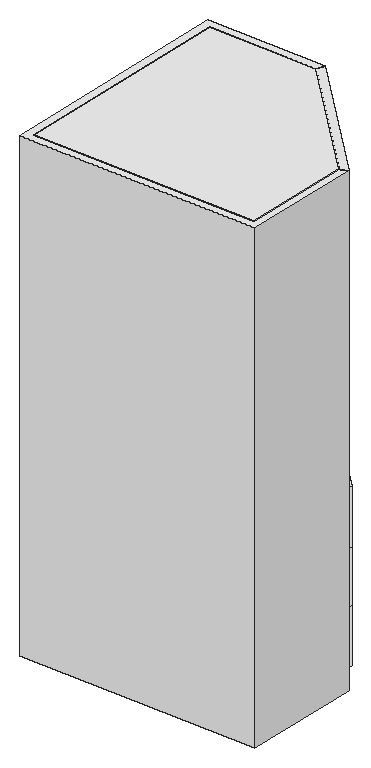
Revit family
Parameters (values of type "300mm")
  Cabinet Material = none
  Depth = 300 mm
  Door/Drawer Material = none
  Height = 1200 mm
  Top Of Cabinet = 2000 mm
  Width = 0 mm
Reference planes
  plane 1: y = 0
  plane 2: x = 258.371
  plane 3: x = -41.629
  plane 4: z = 800
  plane 5: z = 2000
  plane 6: y = 376.2
  plane 7: y = 76.2
  plane 8: z = 1238
  plane 9: y = 681
  plane 10: x = 563.171
  plane 11: z = 1269.75
  plane 12: z = 1100.731
  plane 13: z = 963.463
  plane 14: z = 826.194
  plane 15 "t": z = 1942.85
Forms (mm)
  Extrusion 1, solid, material <- "Cabinet Material"
    sketch origin (0, 0, 800) x (0, 1, 0) y (1, 0, 0)
      loop
        line (76.2, -41.629) -> (681, -41.629) -> (681, 258.371) -> (661.95, 250.48) -> (661.95, -22.579) -> (95.25, -22.579) -> (95.25, 544.121) -> (368.309, 544.121) -> (376.2, 563.171) -> (76.2, 563.171) -> (76.2, -41.629)
    from 0 to -1200
  Extrusion 2, solid, material <- "Cabinet Material"
    sketch origin (0, 0, 800) x (0, 1, 0) y (1, 0, 0)
      loop
        line (95.25, -22.579) -> (661.95, -22.579) -> (661.95, 250.48) -> (368.309, 544.121) -> (95.25, 544.121) -> (95.25, -22.579)
    from 0 to -26.194
  Extrusion 3, solid, material <- "Cabinet Material"
    sketch origin (0, 0, 2000) x (0, 1, 0) y (1, 0, 0)
      loop
        line (661.95, 250.48) -> (368.309, 544.121) -> (95.25, 544.121) -> (95.25, -22.579) -> (661.95, -22.579) -> (661.95, 250.48)
    from 0 to 25.4
  Extrusion 4, solid, material <- "Cabinet Material"
    sketch origin (0, 0, 800) x (0, 1, 0) y (1, 0, 0)
      loop
        line (661.95, 250.48) -> (681, 258.371) -> (376.2, 563.171) -> (368.309, 544.121) -> (661.95, 250.48)
    from 0 to -1200
  Extrusion 5, void
    sketch origin (0, 0, 800) x (1, 0, 0) y (0, 1, 0)
      loop
        line (285.312, 627.118) -> (509.29, 403.141) -> (522.76, 416.611) -> (298.782, 640.589) -> (285.312, 627.118)
    from 469.75 to 1142.85
  Extrusion 6, solid, material <- "Door/Drawer Material"
    sketch origin (-4.358, -4.358, 1555.75) x (-1, 0, 0) y (0, 1, 0)
      loop
        line (-312.12, 653.927) -> (-536.098, 429.949) -> (-513.647, 407.498) -> (-289.669, 631.476) -> (-312.12, 653.927)
    from 317.75 to 455.019
  Extrusion 7, void
    sketch origin (0, 0, 800) x (1, 0, 0) y (0, 1, 0)
      loop
        line (285.312, 627.118) -> (509.29, 403.141) -> (522.76, 416.611) -> (298.782, 640.589) -> (285.312, 627.118)
    from 26.194 to 438
  Extrusion 8, solid, material <- "Door/Drawer Material"
    sketch origin (0, 0, 800) x (0, 1, 0) y (1, 0, 0)
      loop
        line (425.591, 531.74) -> (403.141, 509.29) -> (627.118, 285.312) -> (649.569, 307.763) -> (425.591, 531.74)
    from -163.463 to -26.194
  Extrusion 9, solid, material <- "Door/Drawer Material"
    sketch origin (0, 0, 800) x (0, 1, 0) y (1, 0, 0)
      loop
        line (425.591, 531.74) -> (403.141, 509.29) -> (627.118, 285.312) -> (649.569, 307.763) -> (425.591, 531.74)
    from -300.731 to -163.463
  Extrusion 10, solid, material <- "Door/Drawer Material"
    sketch origin (0, 0, 1942.85) x (0, 1, 0) y (1, 0, 0)
      loop
        line (627.118, 285.312) -> (645.079, 303.272) -> (421.101, 527.25) -> (403.141, 509.29) -> (627.118, 285.312)
    from 0 to 673.1
Cuts and joins
  Extrusion 5, Extrusion 7 cuts Extrusion 1
  Extrusion 5, Extrusion 7 cuts Extrusion 2
  Extrusion 5, Extrusion 7 cuts Extrusion 3
  Extrusion 5, Extrusion 7 cuts Extrusion 4
  Extrusion 7 cuts Extrusion 6
Lines and regions (mm)
  symbolic lines, style "Plan Rep - Above"
    curve 1: line (-41.629, 76.2, 800) -> (-41.629, 681, 800)
    curve 2: line (-41.629, 681, 800) -> (258.371, 681, 800)
    curve 3: line (258.371, 681, 800) -> (563.171, 376.2, 800)
    curve 4: line (563.171, 376.2, 800) -> (563.171, 76.2, 800)
    curve 5: line (563.171, 76.2, 800) -> (-41.629, 76.2, 800)
Text (mm)
  text "Placement Side" at (0, 251.518, 2621.215), in view "Right"
  text "Placement Side" at (-1498.394, 889.318, 0), in view "Floor Line"
  text "Placement Side" at (0, 1429.47, 2455.331), in view "Left"
Dimensions and locks
  "Height": plane 4 to plane 5
  "Top Of Cabinet": level to plane 5
  locked: plane 8 to plane 5 at 762
  locked: plane 8 to plane 11 at 31.75
  locked: plane 9 to plane 6 at 304.8
  locked: plane 2 to plane 10 at 304.8
  equal spacing: plane 14, plane 13, plane 12, plane 8
  locked: plane 4 to plane 14 at 26.194
  locked: plane 15 "t" to plane 5 at 57.15
  "Depth": plane 6 to plane 7
  "Depth": plane 3 to plane 2
  aligned and locked: plane 7 to host wall
  aligned and locked: Extrusion 1 to plane 5
  aligned and locked: Extrusion 4 to plane 5
  aligned and locked: Extrusion 6 to plane 8
  aligned and locked: plane 12 to Extrusion 6
  aligned and locked: Extrusion 7 to plane 8
  aligned and locked: Extrusion 9 to plane 12
  aligned and locked: plane 13 to Extrusion 9
  aligned and locked: Extrusion 8 to plane 13
  aligned and locked: Extrusion 7 to cut or joined group of Extrusion 2, Extrusion 5, Extrusion 7
  aligned and locked: Extrusion 8 to cut or joined group of Extrusion 2, Extrusion 5, Extrusion 7
  aligned and locked: plane 15 "t" to Extrusion 5
  aligned and locked: plane 11 to Extrusion 5
  aligned: level to host wall
Automatic sketch dimensions
  Extrusion 1 sketch curve to host wall = 0 mm
  Extrusion 1 sketch curve to plane 6 = 0 mm
  Extrusion 1 sketch curve to plane 2 = 0 mm
  Extrusion 1 sketch curve to plane 9 = 0 mm
  Extrusion 1 sketch curve to plane 10 = 0 mm
  Extrusion 1 sketch curve to plane 3 = 0 mm
  host wall to Extrusion 1 sketch curve = 19.05 mm
  Extrusion 1 sketch curve to plane 6 = 7.891 mm
  Extrusion 1 sketch curve to Extrusion 1 sketch curve = 19.05 mm
  plane 3 to Extrusion 1 sketch curve = 19.05 mm
  host wall to Extrusion 2 sketch curve = 19.05 mm
  Extrusion 2 sketch curve to plane 6 = 7.891 mm
  Extrusion 2 sketch curve to plane 2 = 7.891 mm
  plane 9 to Extrusion 2 sketch curve = 19.05 mm
  plane 10 to Extrusion 2 sketch curve = 19.05 mm
  plane 3 to Extrusion 2 sketch curve = 19.05 mm
  host wall to Extrusion 3 sketch curve = 19.05 mm
  Extrusion 3 sketch curve to plane 6 = 7.891 mm
  plane 3 to Extrusion 3 sketch curve = 19.05 mm
  plane 9 to Extrusion 3 sketch curve = 19.05 mm
  Extrusion 3 sketch curve to plane 2 = 7.891 mm
  plane 10 to Extrusion 3 sketch curve = 19.05 mm
  plane 10 to Extrusion 1 sketch curve = 19.05 mm
  Extrusion 1 sketch curve to plane 2 = 7.891 mm
  Extrusion 4 sketch curve to plane 6 = 0 mm
  Extrusion 4 sketch curve to plane 2 = 0 mm
  Extrusion 4 sketch curve to plane 9 = 0 mm
  Extrusion 4 sketch curve to plane 10 = 0 mm
  Extrusion 4 sketch curve to plane 6 = 7.891 mm
  Extrusion 4 sketch curve to plane 2 = 7.891 mm
  plane 9 to Extrusion 4 sketch curve = 19.05 mm
  plane 10 to Extrusion 4 sketch curve = 19.05 mm
  plane 2 to Extrusion 5 sketch curve = 26.941 mm
  Extrusion 5 sketch curve to Extrusion 5 sketch curve = 13.47 mm  (x2)
  plane 6 to Extrusion 5 sketch curve = 26.941 mm
  plane 2 to Extrusion 5 sketch curve = 250.918 mm
  curve 5 to plane 3 = 0 mm
  curve 2 to plane 2 = 0 mm
  curve 4 to plane 10 = 0 mm
  curve 1 to host wall = 0 mm
  curve 3 to plane 6 = 0 mm
  curve 2 to plane 9 = 0 mm
  plane 10 to Extrusion 6 sketch curve = 31.431 mm
  plane 6 to Extrusion 6 sketch curve = 26.941 mm
  Extrusion 6 sketch curve to Extrusion 6 sketch curve = 22.451 mm  (x2)
  plane 2 to Extrusion 6 sketch curve = 49.391 mm
  plane 2 to Extrusion 7 sketch curve = 26.941 mm
  Extrusion 7 sketch curve to Extrusion 7 sketch curve = 13.47 mm  (x2)
  plane 6 to Extrusion 7 sketch curve = 26.941 mm
  plane 10 to Extrusion 7 sketch curve = 53.882 mm
  plane 6 to Extrusion 9 sketch curve = 26.941 mm
  Extrusion 9 sketch curve to Extrusion 9 sketch curve = 22.451 mm  (x2)
  plane 2 to Extrusion 9 sketch curve = 26.941 mm
  plane 9 to Extrusion 9 sketch curve = 53.882 mm
  plane 6 to Extrusion 10 sketch curve = 26.941 mm
  Extrusion 10 sketch curve to Extrusion 10 sketch curve = 17.961 mm  (x2)
  plane 2 to Extrusion 10 sketch curve = 26.941 mm
  plane 9 to Extrusion 10 sketch curve = 53.882 mm
  plane 6 to Extrusion 8 sketch curve = 26.941 mm
  plane 10 to Extrusion 8 sketch curve = 31.431 mm
  Extrusion 8 sketch curve to Extrusion 8 sketch curve = 22.451 mm  (x2)
  plane 9 to Extrusion 8 sketch curve = 53.882 mm
